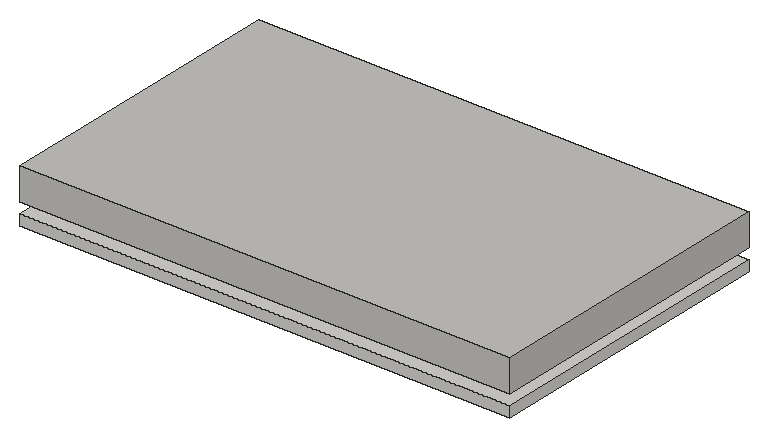
Revit family "CVC_Socle-CTA-C4", category Equipement de génie climatique, Revit 2026
Family settings
  Cote de connecteur circulaire = Utiliser le diamètre
  Type d'élément = Normal
  Basée sur le plan de construction = Non
  Toujours verticalement = Oui
  Couper avec des vides une fois chargée = Non
  Conserver l'orientation des annotations = Non
  Partagée = Non
  Repère de localisation dans la pièce = Non
Parameters (values of type "Socle CTA C4 2300 x 1400")
  Source = "CCTP lot 12 § 3.14.1 (socles et supports), § 1.8.2 (socles à la charge du GO), § 1.9.2 (équipements en toiture), § 3.9.1 (CTA sur socle)"
  Modèle = "Massif béton sur plots anti-vibratiles"
  Fabricant = "Massif : lot Gros œuvre ; résilients : lot CVC"
  Elévation par défaut = 0 mm
  Description = "Socle de CTA en toiture : pré-socle 5 cm + plots anti-vibratiles + massif béton 15 cm (hauteur totale 25 cm)"
  Caractéristiques CCTP = "1 massif distinct par appareil, matériel scellé sur son socle ; plots anti-vibratiles disposés symétriquement à la périphérie (ou matelas résilient) sur un pré-socle d’environ 5 cm de mêmes dimensions ; en toiture, hauteur au-dessus de l’étanchéité limitée à 0,40 m ; relevés béton et d’étanchéité par les lots GO / couverture, couvertine galva 15/10 et surtoiture par le lot CVC"
  A vérifier = "Masse et dimensions du massif à calculer avec le poids de la CTA (fiche VIM) ; nombre et type de plots à dimensionner (note de calcul des supports anti-vibratiles)"
Reference planes
  plane 1 "Centre (avant/arrière)": y = 0
  plane 2: z = 0
  plane 3 "Centre (gauche/droite)": x = 0
Forms (mm)
  Extrusion 1, solid, material "EHPAD_beton_clair"
    sketch origin (0, 0, 0) x (1, 0, 0) y (0, 1, 0)
      loop
        line (-1150, -700) -> (1150, -700) -> (1150, 700) -> (-1150, 700) -> (-1150, -700)
    from 0 to 50
  Extrusion 2, solid, material "EHPAD_noir"
    sketch origin (-1000, -550, 50) x (1, 0, 0) y (0, 1, 0)
      loop
        circle (0, 0) r 60
    from 0 to 50
  Extrusion 3, solid, material "EHPAD_noir"
    sketch origin (-1000, 550, 50) x (1, 0, 0) y (0, 1, 0)
      loop
        circle (0, 0) r 60
    from 0 to 50
  Extrusion 4, solid, material "EHPAD_noir"
    sketch origin (0, -550, 50) x (1, 0, 0) y (0, 1, 0)
      loop
        circle (0, 0) r 60
    from 0 to 50
  Extrusion 5, solid, material "EHPAD_noir"
    sketch origin (0, 550, 50) x (1, 0, 0) y (0, 1, 0)
      loop
        circle (0, 0) r 60
    from 0 to 50
  Extrusion 6, solid, material "EHPAD_noir"
    sketch origin (1000, -550, 50) x (1, 0, 0) y (0, 1, 0)
      loop
        circle (0, 0) r 60
    from 0 to 50
  Extrusion 7, solid, material "EHPAD_noir"
    sketch origin (1000, 550, 50) x (1, 0, 0) y (0, 1, 0)
      loop
        circle (0, 0) r 60
    from 0 to 50
  Extrusion 8, solid, material "EHPAD_beton"
    sketch origin (0, 0, 100) x (1, 0, 0) y (0, 1, 0)
      loop
        line (-1150, -700) -> (1150, -700) -> (1150, 700) -> (-1150, 700) -> (-1150, -700)
    from 0 to 150
Dimensions and locks
  aligned and locked: level to plane 2
